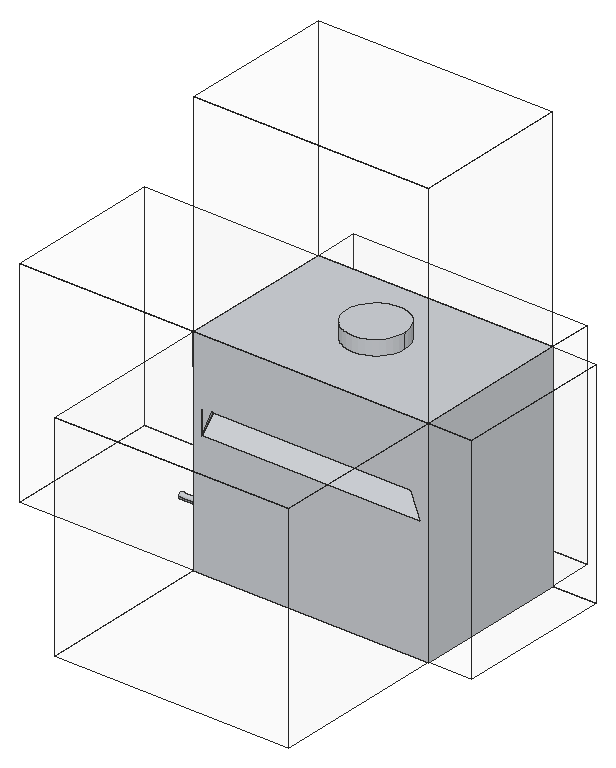
Revit family
Parameters (values of type "CBN315")
  void shape length = B_WIDTH - 2"  # 30 1/4"
  gas conn offset from back = 18 3/4"
  OUTPUT RATE (BTUH) = "224,000"
  A_HEIGHT = 29 1/2"
  B_WIDTH = 32 1/4"
  C_DEPTH = 21 1/2"
  DRAIN SIZE = 3/4"
  GAS CONN SIZE = gas conn radius * 2  # 3/4"
  VENT SIZE = vent radius * 2  # 8"
  WATER IN CONN SIZE = water inlet radius * 2  # 2"
  WATER OUT CONN SIZE = water outlet radius * 2  # 2"
  SES BIM Studio # = "201264901-32"
  Voltage/Heater = "120"
  Voltage/Control = "24"
  URL = "http://www.lochinvar.com/products/Default.aspx?type=ProductLine&lineid=9"
  Total Amps = "2"
  Model = "CBN315"
  Manufacturer = "Lochinvar"
  MODEL NO. = "CBN315"
  GALLON CAPACITY = "1"
  INPUT RATE (BTUH) = "315,000"
  FUEL TYPE = "NATURAL GAS"
  Description = "Copper-Fin Atmospheric Boiler"
  Fuel Type = "Natural or LP"
  water conn height = 17"
  vent offset from back = 10 1/4"
  D_vent offset from right side = 16 1/4"
  gas conn offset from bottom = 6 3/4"
  front clearance = 24"
  gas conn radius = 3/8"
  left side clearance = 24"
  rear clearance = 6"
  right side clearance = 6"
  top clearance = 29"
  vent radius = 4"
  water conn offset from back = 7"
  water inlet radius = 1"
  water inlet/outlet center to center distance = 6 1/4"
  water outlet radius = 1"
  # of Electrical Connections = "1"
Types (5): name | void shape length | OUTPUT RATE (BTUH) | A_HEIGHT | B_WIDTH | C_DEPTH | GAS CONN SIZE | VENT SIZE | Model | MODEL NO. | GALLON CAPACITY | INPUT RATE (BTUH) | D_vent offset from right side | front clearance | gas conn radius | left side clearance | rear clearance | right side clearance | top clearance | vent radius
  (no name) | 30 1/4" | "224,000" | 29 1/2" | 32 1/4" | 21 1/2" | 3/4" | 8" | "CBN315" | "CBN315" | "1" | "315,000" | 16 1/4" | 24" | 3/8" | 24" | 6" | 6" | 29" | 4"
  CBN315 | 30 1/4" | "224,000" | 29 1/2" | 32 1/4" | 21 1/2" | 3/4" | 8" | "CBN315" | "CBN315" | "1" | "315,000" | 16 1/4" | 24" | 3/8" | 24" | 6" | 6" | 29" | 4"
  CBN360 | 33 1/4" | "257,000" | 29 1/2" | 35 1/4" | 21 1/2" | 1" | 9" | "CBN360" | "CBN360" | "1" | "360,000" | 17 3/4" | 30" | 1/2" | 6" | 3" | 3" | 3" | 4 1/2"
  CBN399 | 42 1/2" | "285,000" | 29 1/2" | 44 1/2" | 22" | 1" | 10" | "CBN399" | "CBN399" | "1.1" | "399,000" | 22 1/4" | 30" | 1/2" | 6" | 3" | 3" | 3" | 5"
  CBN500 | 50 1/2" | "357,000" | 34 1/2" | 52 1/2" | 22" | 1" | 10" | "CBN500" | "CBN500" | "1.2" | "500,000" | 26 1/4" | 30" | 1/2" | 6" | 3" | 3" | 3" | 5"
Reference planes (in)
  plane 1 "Center (Front/Back)": y = 2.33546
  plane 2: z = 0
  plane 3 "Center (Left/Right)": x = 0
  plane 4 "Back": y = 13.08546
  plane 5 "Front": y = -8.41454
  plane 6 "Left": x = -16.125
  plane 7 "Right": x = 16.125
  plane 8 "Top Plane": z = 29.5
  plane 9 "Vent Offset from Rear": y = 2.83546
  plane 10 "Water Conn offset from bottom": z = 17
  plane 11 "Water conn offset from back": y = 6.08546
  plane 12 "Water conn center to center": y = -0.16454
  plane 13 "Gas conn offset from botton": z = 6.75
  plane 14 "Gas conn offset from back": y = -5.66454
  plane 15 "Vent Conn offset from back": y = 2.83546
  plane 16 "Vent conn offset from right side": x = -0.125
  plane 17 "air inlet offset from top": z = 28.5
  plane 18: x = 7.125
  plane 19 "air inlet bottom plane": z = 20.5
  plane 20 "Front Clearance": y = -32.41454
  plane 21 "Left Clearance": x = -40.125
  plane 22 "Right Clearance": x = 22.125
  plane 23 "Back Clearance": y = 19.08546
  plane 24: z = 58.5
  plane 25 "Void Shape": x = -15.125
Forms (in)
  Extrusion 1, solid
    sketch origin (0, 0, 0) x (1, 0, 0) y (0, 1, 0)
      loop
        line (-16.125, 13.08546) -> (-16.125, -8.41454) -> (16.125, -8.41454) -> (16.125, 13.08546) -> (-16.125, 13.08546)
    from 0 to 29.5
  Extrusion 2, solid
    sketch origin (-16.125, 0, 0) x (0, 1, 0) y (0, 0, 1)
      loop
        circle (6.08546, 17) r 1
    from 0 to -4
  Extrusion 3, solid
    sketch origin (-16.125, 0, 0) x (0, 1, 0) y (0, 0, 1)
      loop
        circle (-0.16454, 17) r 1
    from 0 to -4
  Extrusion 4, solid
    sketch origin (-16.125, 0, 0) x (0, 1, 0) y (0, 0, 1)
      loop
        circle (-5.66454, 6.75) r 0.375
    from 0 to -4
  Extrusion 5, solid
    sketch origin (0, 0, 29.5) x (-1, 0, 0) y (0, -1, 0)
      loop
        circle (0.125, -2.83546) r 4
    from 0 to 2
  Extrusion 6, solid, material "Clearance"
    sketch origin (0, 0, 0) x (1, 0, 0) y (0, 1, 0)
      loop
        line (-16.125, -8.41454) -> (-16.125, -32.41454) -> (16.125, -32.41454) -> (16.125, -8.41454) -> (-16.125, -8.41454)
    from 0 to 29.5 <- "A_HEIGHT"
  Extrusion 7, solid, material "Clearance"
    sketch origin (0, 0, 0) x (1, 0, 0) y (0, 1, 0)
      loop
        line (-16.125, 13.08546) -> (-40.125, 13.08546) -> (-40.125, -8.41454) -> (-16.125, -8.41454) -> (-16.125, 13.08546)
    from 0 to 29.5 <- "A_HEIGHT"
  Extrusion 8, solid, material "Clearance"
    sketch origin (0, 0, 0) x (1, 0, 0) y (0, 1, 0)
      loop
        line (16.125, 13.08546) -> (16.125, -8.41454) -> (22.125, -8.41454) -> (22.125, 13.08546) -> (16.125, 13.08546)
    from 0 to 29.5 <- "A_HEIGHT"
  Extrusion 9, solid, material "Clearance"
    sketch origin (0, 0, 0) x (1, 0, 0) y (0, 1, 0)
      loop
        line (-16.125, 13.08546) -> (16.125, 13.08546) -> (16.125, 19.08546) -> (-16.125, 19.08546) -> (-16.125, 13.08546)
    from 0 to 29.5 <- "A_HEIGHT"
  Extrusion 10, solid, material "Clearance"
    sketch origin (0, 0, 29.5) x (-1, 0, 0) y (0, -1, 0)
      loop
        line (16.125, -13.08546) -> (16.125, 8.41454) -> (-16.125, 8.41454) -> (-16.125, -13.08546) -> (16.125, -13.08546)
    from 0 to 29
  Extrusion 11, void
    sketch origin (-15.125, 0, 0) x (0, 1, 0) y (0, 0, 1)
      loop
        line (-4.78934, 20.5) -> (-8.28954, 20.5) -> (-8.28954, 16.9998) -> (-4.78934, 20.5)
    from 0 to 30.25 <- "void shape length"
  Extrusion 12, void
    sketch origin (0, -8.41454, 0) x (1, 0, 0) y (0, 0, 1)
      loop
        line (-15.125, 17) -> (15.125, 17) -> (13.68382, 20.5) -> (-13.68382, 20.5) -> (-15.125, 17)
    from 0 to -0.125
  Extrusion 13, solid
    sketch origin (-16.125, 0, 0) x (0, 1, 0) y (0, 0, 1)
      loop
        line (-7.41454, 28.5) -> (-7.41454, 24.5) -> (-3.41454, 24.5) -> (-3.41454, 28.5) -> (-7.41454, 28.5)
    from 0 to -1
Cuts and joins
  Extrusion 11, Extrusion 12 cuts Extrusion 1
  Extrusion 12 cuts Extrusion 6
Text (in)
  text "LEFT" at (-60.0409, 11.34615, 0), in view "Ref. Level"
  text "RIGHT" at (95.9591, 11.34615, 0), in view "Ref. Level"
  text "FRONT" at (3.05477, -68.89429, 0), in view "Ref. Level"
  text "BACK" at (3.05477, 70.10571, 0), in view "Ref. Level"
Dimensions and locks (in)
  equal spacing: plane 5 "Front", plane 1 "Center (Front/Back)", plane 4 "Back"
  "C_DEPTH": plane 5 "Front" to plane 4 "Back"
  equal spacing: plane 6 "Left", plane 3 "Center (Left/Right)", plane 7 "Right"
  "B_WIDTH": plane 6 "Left" to plane 7 "Right"
  "A_HEIGHT": plane 8 "Top Plane" to plane 2
  "water conn height": plane 10 "Water Conn offset from bottom" to level
  "water conn offset from back": plane 4 "Back" to plane 11 "Water conn offset from back"
  "water inlet/outlet center to center distance": plane 11 "Water conn offset from back" to plane 12 "Water conn center to center"
  "gas conn offset from bottom": plane 13 "Gas conn offset from botton" to level
  "gas conn offset from back": plane 4 "Back" to plane 14 "Gas conn offset from back"
  "vent offset from back": plane 15 "Vent Conn offset from back" to plane 4 "Back"
  "D_vent offset from right side": plane 16 "Vent conn offset from right side" to plane 7 "Right"
  plane 17 "air inlet offset from top" to plane 8 "Top Plane" = 1"
  plane 19 "air inlet bottom plane" to plane 17 "air inlet offset from top" = 8"
  "front clearance": plane 20 "Front Clearance" to plane 5 "Front"
  "left side clearance": plane 21 "Left Clearance" to plane 6 "Left"
  "right side clearance": plane 7 "Right" to plane 22 "Right Clearance"
  "rear clearance": plane 4 "Back" to plane 23 "Back Clearance"
  "top clearance": plane 24 to plane 8 "Top Plane"
  "void shape length": Extrusion 12 sketch curve to Extrusion 12 sketch curve
  locked: plane 6 "Left" to plane 25 "Void Shape" at 1
  locked: Extrusion 11 sketch curve to plane 10 "Water Conn offset from bottom" at 3.5
  locked: Extrusion 12 sketch curve to Extrusion 12 sketch curve at 3.5
  "water outlet radius": radius of Extrusion 2 sketch curve
  "water outlet radius": radius of Extrusion 3 sketch curve
  "gas conn radius": radius of Extrusion 4 sketch curve
  "vent radius": radius of Extrusion 5 sketch curve
  aligned and locked: plane 8 "Top Plane" to Extrusion 1
  aligned and locked: plane 7 "Right" to Extrusion 1
  aligned and locked: Extrusion 1 to plane 6 "Left"
  aligned and locked: plane 9 "Vent Offset from Rear" to plane 15 "Vent Conn offset from back"
  aligned and locked: plane 24 to Extrusion 10
Automatic sketch dimensions
  plane 5 "Front" to Extrusion 1 sketch curve = 0"
  Extrusion 1 sketch curve to plane 6 "Left" = 0"
  plane 4 "Back" to Extrusion 1 sketch curve = 0"
  Extrusion 1 sketch curve to plane 7 "Right" = 0"
  Extrusion 2 sketch curve to plane 10 "Water Conn offset from bottom" = 0"
  Extrusion 2 sketch curve to plane 11 "Water conn offset from back" = 0"
  Extrusion 3 sketch curve to plane 10 "Water Conn offset from bottom" = 0"
  Extrusion 3 sketch curve to plane 12 "Water conn center to center" = 0"
  Extrusion 4 sketch curve to plane 13 "Gas conn offset from botton" = 0"
  Extrusion 4 sketch curve to plane 14 "Gas conn offset from back" = 0"
  plane 9 "Vent Offset from Rear" to Extrusion 5 sketch curve = 0"
  Extrusion 5 sketch curve to plane 16 "Vent conn offset from right side" = 0"
  Extrusion 6 sketch curve to plane 6 "Left" = 0"
  Extrusion 6 sketch curve to plane 7 "Right" = 0"
  plane 20 "Front Clearance" to Extrusion 6 sketch curve = 0"
  plane 5 "Front" to Extrusion 6 sketch curve = 0"
  plane 4 "Back" to Extrusion 7 sketch curve = 0"
  Extrusion 7 sketch curve to plane 21 "Left Clearance" = 0"
  Extrusion 7 sketch curve to plane 6 "Left" = 0"
  plane 5 "Front" to Extrusion 7 sketch curve = 0"
  plane 5 "Front" to Extrusion 8 sketch curve = 0"
  Extrusion 8 sketch curve to plane 7 "Right" = 0"
  plane 4 "Back" to Extrusion 8 sketch curve = 0"
  Extrusion 8 sketch curve to plane 22 "Right Clearance" = 0"
  Extrusion 9 sketch curve to plane 6 "Left" = 0"
  Extrusion 9 sketch curve to plane 7 "Right" = 0"
  plane 4 "Back" to Extrusion 9 sketch curve = 0"
  plane 23 "Back Clearance" to Extrusion 9 sketch curve = 0"
  Extrusion 10 sketch curve to plane 7 "Right" = 0"
  Extrusion 10 sketch curve to plane 6 "Left" = 0"
  plane 5 "Front" to Extrusion 10 sketch curve = 0"
  plane 4 "Back" to Extrusion 10 sketch curve = 0"
  Extrusion 11 sketch curve to plane 10 "Water Conn offset from bottom" = 0.0002"
  Extrusion 11 sketch curve to plane 5 "Front" = 1/8"
  Extrusion 11 sketch curve to plane 14 "Gas conn offset from back" = 0.8752"
  Extrusion 12 sketch curve to plane 10 "Water Conn offset from bottom" = 0"
  Extrusion 12 sketch curve to plane 25 "Void Shape" = 0"
  plane 25 "Void Shape" to Extrusion 12 sketch curve = 1.44118"
  Extrusion 12 sketch curve to plane 7 "Right" = 2.44118"
  Extrusion 13 sketch curve to plane 5 "Front" = 1"
  Extrusion 13 sketch curve to plane 8 "Top Plane" = 1"
  Extrusion 13 sketch curve to plane 14 "Gas conn offset from back" = 2 1/4"
  Extrusion 13 sketch curve to plane 17 "air inlet offset from top" = 4"
Connectors (in)
  piping at (-20.125, 6.08546, 17), driven by "water outlet radius"
    settings: on Extrusion 2, index 1, connector radius 1", flow factor 0, pipe flow 0 GPM, pressure drop 0.00 psi, fitting loss kfactor 0, connector angle 0.00°, fixture units 0, flow configuration 0, flow direction 2, fitting loss method 0, system type 7, connector reference index -1, connector utility 0, adjustable connector no, is connector primary yes, fitting loss table "", connector description "Water Outlet Conn"
  piping at (-20.125, -0.16454, 17), driven by "water inlet radius"
    settings: on Extrusion 3, index 2, connector radius 1", flow factor 0, pipe flow 0 GPM, pressure drop 0.00 psi, fitting loss kfactor 0, connector angle 0.00°, fixture units 0, flow configuration 0, flow direction 1, fitting loss method 0, system type 7, connector reference index -1, connector utility 0, adjustable connector no, is connector primary no, fitting loss table "", connector description "Water Inlet Conn"
  piping at (-20.125, -5.66454, 6.75), driven by "gas conn radius"
    settings: on Extrusion 4, index 3, connector radius 3/8", flow factor 0, pipe flow 0 GPM, pressure drop 0.00 psi, fitting loss kfactor 0, connector angle 0.00°, fixture units 0, flow configuration 0, flow direction 1, fitting loss method 0, system type 22, connector reference index -1, connector utility 0, adjustable connector no, is connector primary no, fitting loss table "", connector description "Gas Conn"
  hvac at (-0.125, 2.83546, 31.5), driven by "vent radius"
    settings: on Extrusion 5, index 4, duct flow 0 CFM, flow factor 0, pres drop 0.00 in-wg, loss coef 0, conn angle 0.00°, conn width 12", conn height 12", conn radius 4", duct sys type 3, conn prof type 0, flow config 0, flow direction 2, loss method 0, conn ref index -1, conn util no, is conn primary yes, conn desc "Vent"
  electrical at (-17.125, -5.41454, 26.5)
    settings: on Extrusion 13, index 5, voltage 0 V, apparent load 0 VA, apparent load phase1 0 VA, apparent load phase2 0 VA, apparent load phase3 0 VA, power factor 1, load classification "Other", number of poles 1, system type 30, power factor state 1, is connector primary yes, connector utility no, sub classification motor no, connector description ""
